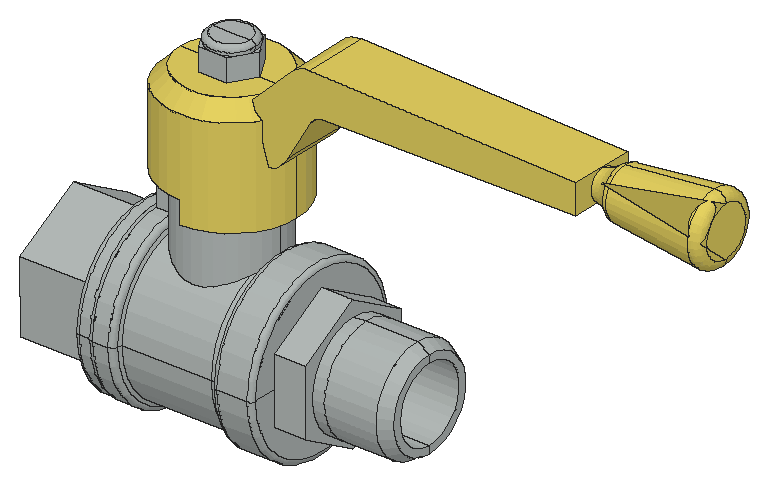
Revit family "QP02300000", category Apparecchi idraulici, Revit 2020
Family settings
  Quota connettore circolare = Usa diametro
  Tipo di parte = Normale
  Numero OmniClass = 23.45.00.00
  Titolo OmniClass = Sanitary, Laundry, and Cleaning Equipment
  Basato su piano di lavoro = No
  Sempre verticale = Sì
  Taglio con vuoti quando caricato = No
  Condiviso = No
  Punto di calcolo locali = No
Parameters
  URL = "https://web.cimberio.com/index.php/figura/167?subcategoria_id=95643"
  Temperatura di esercizio = "-20 ÷ 60°C"
  Prospetto di default = 0 mm
  Produttore = "CIMBERIO SPA"
  Pressione nominale = "MOP 5"
  Modello = "Cim 201G"
  Materiale = "Prodotto in lega di ottone conforme alla norma EN 12165-CW617N-DW"
  Descrizione = "Utilizzato nell’impiantistica distributiva di gas a bassa pressione per le categorie:\r\nGas naturali: gas derivati dal petrolio (Metano) e gas di ricambio.\r\nGas di città: prodotti secondo i diversi procedimenti (Cracking - Cokerie - ecc.).\r\nGas liquidi: propano e miscele di gas propano/butano"
  DN Model [instance] = QP02301015 : QP02301015
  DN [instance] = 15 mm
  Commenti sul tipo = "Realizzato in ottemperanza ai requisiti gestionali della norma EN ISO 9001.\r\nCollaudato al 100% secondo la normativa EN 12266-1"
Reference planes
  plane 1 "Centro (Fronte/Retro)": y = 0
  plane 2: z = 0
  plane 3 "Centro (Sinistra/Destra)": x = 0
Dimensions and locks
  aligned and locked: level to plane 2
Nested families
  nested 1: "QP02301015" at (0, 0, 0), type <- "DN Model", type "QP02301015"
  nested 2: "QP02301015" at (0, 0, 0), type <- "DN Model", type "QP02301015"
  nested 3: "QP02301015" at (0, 0, 0), type <- "DN Model", type "QP02301015"
  nested 4: "QP02301015" at (0, 0, 0), type <- "DN Model", type "QP02301015"
  nested 5: "QP02301015" at (0, 0, 0), type <- "DN Model", type "QP02301015"
  nested 6: "QP02301015" at (0, 0, 0), type <- "DN Model", type "QP02301015"
  nested 7: "QP02301015" at (0, 0, 0), type <- "DN Model", type "QP02301015"
  nested 8: "QP02301015" at (0, 0, 0), type <- "DN Model", type "QP02301015"
Connectors
  piping at (40.05, 0, 0), diameter 15, driven by "DN"
    settings: on nested 1, index 1, connector inside diameter 609.6 mm, connector length 0 mm, flow factor 0, pipe flow 0.0 L/s, pressure drop 0.0 Pa, fitting loss kfactor 0, connector angle 0.00°, fixture units 0, engagement length 0 mm, angle of deflection 0.00°, flow configuration 0, flow direction 0, fitting loss method 0, system type 7, joint type 0, gender type 0, connector reference index -1, connector utility 0, adjustable connector no, is connector primary yes, connector description ""
  piping at (-32.05, 0.017, 0), diameter 15, driven by "DN"
    settings: on nested 1, index 2, connector inside diameter 609.6 mm, connector length 0 mm, flow factor 0, pipe flow 0.0 L/s, pressure drop 0.0 Pa, fitting loss kfactor 0, connector angle 0.00°, fixture units 0, engagement length 0 mm, angle of deflection 0.00°, flow configuration 0, flow direction 0, fitting loss method 0, system type 7, joint type 0, gender type 0, connector reference index -1, connector utility 0, adjustable connector no, is connector primary no, connector description ""
Definition of nested family "QP02301015"
  Parameters (values of type "QP02301015")
    Default Elevation = 0 mm
  Reference planes
    plane 1 "Centro (Fronte/Retro)": y = 0
    plane 2: z = 0
    plane 3 "Centro (Sinistra/Destra)": x = 0
  Forms (mm)
    Revolve 1, solid
      sketch origin (0, 0, 0) x (1, 0, 0) y (0, 0, 1)
        loop
          line (0, 47.3) -> (-10.25, 47.3) -> (-13.25, 44.3) -> (-13.25, 24.3) -> (-8.92, 24.3) -> (-8.92, 33.247) -> (0, 33.247) -> (0, 47.3)
        axis (0, 47.3) -> (0, 24.3)
      angle from 0 to 360
    Extrusion 2, void
      sketch origin (0, 0, 28.55) x (1, 0, 0) y (0, 1, 0)
        loop
          line (-8.682, 0) -> (-12.843, 0)
          arc (-12.843, 0) -> (-11.056, -11.86) -> (0, -16.51) r 12.25
          line (0, -16.51) -> (0, -7.437)
          arc (0, -7.437) -> (-5.627, -5.22) -> (-8.682, 0) r 9.25
      from -7.705 to 0.295
    Extrusion 3, solid
      sketch origin (0, 0, 47.3) x (0, 1, 0) y (-1, 0, 0)
        loop
          line (0, 5.6) -> (-4.85, 2.8) -> (-4.85, -2.8) -> (0, -5.6) -> (4.85, -2.8) -> (4.85, 2.8) -> (0, 5.6)
      from 0 to 4.5
    Extrusion 4, solid
      sketch origin (0, 0, 0) x (1, 0, 0) y (0, 0, 1)
        loop
          line (9.489, 47.289) -> (12.79, 36.303)
          arc (12.79, 36.303) -> (13.672, 36.434) -> (14.476, 36.819) r 2.98
          arc (14.476, 36.819) -> (15.839, 37.99) -> (16.907, 39.435) r 8
          line (16.907, 39.435) -> (21.6, 47.564)
          arc (21.6, 47.564) -> (22.505, 48.472) -> (23.741, 48.814) r 2.506
          line (23.741, 48.814) -> (75.001, 49.367) -> (75.001, 55.3) -> (21.147, 56.761)
          arc (21.147, 56.761) -> (19.163, 56.394) -> (17.48, 55.28) r 5.061
          line (17.48, 55.28) -> (9.489, 47.289)
      from -6.343 to 6.657
    Revolve 5, solid
      sketch origin (0, 0, 0.033) x (0, 1, 0) y (-1, 0, 0)
        loop
          line (7.5, 18.05) -> (7.5, -18.05) -> (16.5, -18.05)
          arc (16.5, -18.05) -> (17.207, -17.757) -> (17.5, -17.05) r 1
          line (17.5, -17.05) -> (17.5, -11)
          arc (17.5, -11) -> (17.207, -10.293) -> (16.5, -10) r 1
          line (16.5, -10) -> (15.75, -9.65) -> (15.75, -8.496) -> (15.75, 9.727) -> (16.5, 10)
          arc (16.5, 10) -> (17.207, 10.293) -> (17.5, 11) r 1
          line (17.5, 11) -> (17.5, 14.117) -> (17.25, 15.05) -> (17.25, 17.05)
          arc (17.25, 17.05) -> (16.957, 17.757) -> (16.25, 18.05) r 1
          line (16.25, 18.05) -> (7.5, 18.05)
        axis (0, 18.05) -> (0, -18.05)
      angle from 0 to 360
    Revolve 6, solid
      sketch origin (0, 0, 0) x (1, 0, 0) y (0, 0, 1)
        loop
          line (0, 28.8) -> (0, 11.324) -> (10.003, 11.324) -> (10.003, 28.8) -> (0, 28.8)
        axis (0, 28.8) -> (0, 11.324)
      angle from 0 to 360
    Extrusion 7, solid
      sketch origin (0, 0, 0) x (1, 0, 0) y (0, 0, 1)
        loop
          line (-9, 27.8) -> (-14, 27.8) -> (-14, 15.632) -> (-9, 15.632) -> (-9, 27.8)
      from -1.5 to 1.5
    Revolve 8, solid
      sketch origin (0, 0, 0) x (1, 0, 0) y (0, 0, 1)
        loop
          line (0, 33.247) -> (-8.299, 33.247) -> (-8.299, 31.791) -> (-7.423, 31.285) -> (-7.423, 30.49) -> (-8.299, 29.984) -> (-8.299, 29.189) -> (-7.423, 28.683) -> (-7.423, 27.74) -> (-8.299, 26.864) -> (-8.299, 25.951) -> (0, 25.951) -> (0, 33.247)
        axis (0, 33.247) -> (0, 25.951)
      angle from 0 to 360
    Revolve 9, solid
      sketch origin (0, 0, 0) x (1, 0, 0) y (0, 0, 1)
        loop
          line (100, 52.333) -> (100, 57.311)
          arc (100, 57.311) -> (99.337, 58.798) -> (97.788, 59.3) r 2
          line (97.788, 59.3) -> (79.766, 57.382)
          arc (79.766, 57.382) -> (79.175, 57.217) -> (78.669, 56.87) r 1.867
          arc (78.669, 56.87) -> (76.979, 55.749) -> (75.001, 55.3) r 5.63
          line (75.001, 55.3) -> (75.001, 52.333) -> (100, 52.333)
        axis (100, 52.3) -> (75.001, 52.3)
      angle from 0 to 360
    Revolve 10, solid
      sketch origin (0, 0, 0) x (1, 0, 0) y (0, 0, 1)
        loop
          line (0, 53.3) -> (0, 51.152) -> (4.75, 51.152) -> (4.75, 52.3)
          arc (4.75, 52.3) -> (4.457, 53.007) -> (3.75, 53.3) r 1
          line (3.75, 53.3) -> (0, 53.3)
        axis (0, 53.3) -> (0, 51.152)
      angle from 0 to 360
    Extrusion 11, solid
      sketch origin (-16, 0, 0) x (0, 0, 1) y (0, 1, 0)
        loop
          circle (0, 0) r 7.467
        loop
          line (15, 0) -> (7.206, 13.5) -> (-7.206, 13.5) -> (-15, 0) -> (-7.236, -13.448) -> (7.236, -13.448) -> (15, 0)
      from 2.05 to 16.05
    Extrusion 12, solid
      sketch origin (0, 0, 0) x (0, 1, 0) y (0, 0, 1)
        loop
          circle (0, 0) r 7.467
        loop
          line (0, 13.5) -> (-11.999, 6.572) -> (-11.999, -6.572) -> (0, -13.5) -> (11.984, -6.581) -> (11.984, 6.581) -> (0, 13.5)
      from 18.05 to 24.55
    Revolve 13, solid
      sketch origin (0, 0, 0) x (1, 0, 0) y (0, 0, 1)
        loop
          line (27.064, 10.45) -> (24.55, 10.45) -> (24.55, 7.5) -> (40.05, 7.5) -> (40.05, 9.007) -> (37.57, 10.45) -> (27.064, 10.45)
        axis (40.05, 0) -> (24.55, 0)
      angle from 0 to 360
  Cuts and joins
    Extrusion 2 cuts Revolve 1
    joined: Revolve 6, Extrusion 7
  Dimensions and locks
    aligned and locked: level to plane 2
